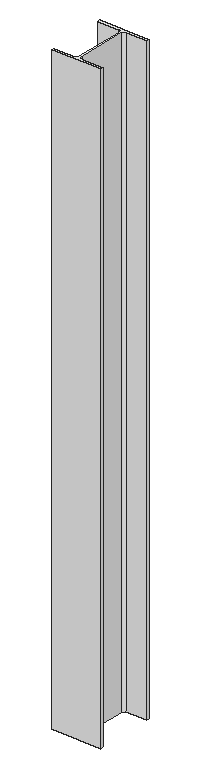
Revit family "e330db260505468c86ec1e4669dc2d43", category Structural Columns, Revit 2023
Family settings
  Section Shape = I-shape Parallel Flange
  Material for Model Behavior = Steel
  Always export as geometry = No
  Beam cutback in plan = From bounding box
  Family Name Key = M_W Shapes-Column
  Code Name = AISC 14.1
  OmniClass Number = 23.25.30.11.14.11
  OmniClass Title = Columns
  Seek Item ID = W-Shapes-Column-0000-CAN-ENU
  Cut with Voids When Loaded = No
  Symbolic Representation = From Project Settings
  Shared = No
  Show family pre-cut in plan views = Yes
Parameters (values of type "W250X49.1")
  Width = 202.00 mm
  Web Thickness = 7.37 mm
  Web Fillet = 12.70 mm
  Warping Constant = 212000000000.0 mm⁶
  Torsional Moment of Inertia = 243000.00 mm⁴
  Structural Material [instance] = Steel, 45-345
  Section Name Key = ""
  Section Area = 6260.0 mm²
  Plastic Modulus weak axis = 229000.0 mm³
  Plastic Modulus strong axis = 636000.0 mm³
  Perimeter = 1.27 m²/m
  Nominal Weight = 49.0998 kgf/m
  Moment of Inertia weak axis = 15200000.00 mm⁴
  Moment of Inertia strong axis = 71200000.00 mm⁴
  Height = 247.00 mm
  Flange Thickness = 11.00 mm
  Elastic Modulus weak axis = 151000.0 mm³
  Elastic Modulus strong axis = 574000.0 mm³
  Centroid Vertical = Height / 2  # 123.50 mm
  Centroid Horizontal = Width / 2  # 101.00 mm
  Bolt Spacing = 139.7 mm
  Assembly Code = ""
Types (2, lengths in mm): name | Width | Web Thickness | Warping Constant | Torsional Moment of Inertia | Section Area | Plastic Modulus weak axis | Plastic Modulus strong axis | Perimeter | Nominal Weight | Moment of Inertia weak axis | Moment of Inertia strong axis | Height | Flange Thickness | Elastic Modulus weak axis | Elastic Modulus strong axis | Centroid Vertical | Centroid Horizontal
  W250X73 | 254.00 | 8.64 | 556000000000.0 mm⁶ | 579000.00 mm⁴ | 9290.0 mm² | 464000.0 mm³ | 990000.0 mm³ | 1.49 m²/m | 72.9997 kgf/m | 38900000.00 mm⁴ | 113000000.00 mm⁴ | 254.00 | 14.20 | 306000.0 mm³ | 895000.0 mm³ | 127.00 | 127.00
  W250X49.1 | 202.00 | 7.37 | 212000000000.0 mm⁶ | 243000.00 mm⁴ | 6260.0 mm² | 229000.0 mm³ | 636000.0 mm³ | 1.27 m²/m | 49.0998 kgf/m | 15200000.00 mm⁴ | 71200000.00 mm⁴ | 247.00 | 11.00 | 151000.0 mm³ | 574000.0 mm³ | 123.50 | 101.00
Reference planes
  plane 1: y = 0
  plane 2: z = 0
  plane 3: x = 0
  plane 4: x = -101
  plane 5: x = 101
  plane 6: y = 123.5
  plane 7: y = -123.5
  plane 8: x = -3.969
  plane 9: x = 3.969
Forms (mm)
  Extrusion 1, solid, material "Steel, 45-345" <- "Structural Material", detail levels medium
    sketch origin (0, 0, 0) x (1, 0, 0) y (0, 1, 0)
      loop
        line (-101, 123.5) -> (-101, 112.5) -> (-3.685, 112.5) -> (-3.685, -112.5) -> (-101, -112.5) -> (-101, -123.5) -> (101, -123.5) -> (101, -112.5) -> (3.685, -112.5) -> (3.685, 112.5) -> (101, 112.5) -> (101, 123.5) -> (-101, 123.5)
    from 0 to 2500
  Extrusion 2, solid, material "Steel, 45-345" <- "Structural Material", detail levels fine
    sketch origin (0, 0, 0) x (1, 0, 0) y (0, 1, 0)
      loop
        line (-101, 123.5) -> (-101, 112.5) -> (-16.385, 112.5)
        arc (-16.385, 112.5) -> (-7.405, 108.78) -> (-3.685, 99.8) r 12.7
        line (-3.685, 99.8) -> (-3.685, -99.8)
        arc (-3.685, -99.8) -> (-7.405, -108.78) -> (-16.385, -112.5) r 12.7
        line (-16.385, -112.5) -> (-101, -112.5) -> (-101, -123.5) -> (101, -123.5) -> (101, -112.5) -> (16.385, -112.5)
        arc (16.385, -112.5) -> (7.405, -108.78) -> (3.685, -99.8) r 12.7
        line (3.685, -99.8) -> (3.685, 99.8)
        arc (3.685, 99.8) -> (7.405, 108.78) -> (16.385, 112.5) r 12.7
        line (16.385, 112.5) -> (101, 112.5) -> (101, 123.5) -> (-101, 123.5)
    from 0 to 2500
Lines and regions (mm)
  symbolic lines, style "StructuralColumnStickSymbols", detail levels coarse
    curve 1: line (-101, 123.5, 0) -> (101, 123.5, 0)
    curve 2: line (-101, -123.5, 0) -> (101, -123.5, 0)
    curve 3: line (0, 123.5, 0) -> (0, -123.5, 0)
  symbolic lines, style "Hidden Faces", detail levels medium+fine
    curve 4: line (-3.969, 0, 0) -> (-3.969, 0, 2500)
    curve 5: line (3.969, 0, 2500) -> (3.969, 0, 0)
Dimensions and locks
  equal spacing: plane 4, plane 3, plane 5
  equal spacing: plane 7, plane 1, plane 6
  "Height": plane 7 to plane 6
  "Width": plane 4 to plane 5
  "Flange Thickness": plane 7 to Extrusion 1 sketch curve
  "Flange Thickness": Extrusion 1 sketch curve to plane 6
  equal spacing: Extrusion 1 sketch curve, plane 3, Extrusion 1 sketch curve
  "Web Thickness": Extrusion 1 sketch curve to Extrusion 1 sketch curve
  "Web Fillet": radius of Extrusion 2 sketch curve  (x4)
  aligned and locked: plane 6 to Extrusion 1 sketch curve
  aligned and locked: Extrusion 1 sketch curve to plane 7
  aligned and locked: Extrusion 1 sketch curve to plane 4  (x2)
  aligned and locked: plane 5 to Extrusion 1 sketch curve  (x2)
  aligned and locked: Extrusion 1 sketch curve to Extrusion 1 sketch curve  (x2)
  aligned and locked: level to Extrusion 1
  aligned and locked: level to plane 2
  aligned and locked: Extrusion 1 to plane 2
  aligned and locked: plane 6 to Extrusion 2 sketch curve
  aligned and locked: plane 5 to Extrusion 2 sketch curve  (x2)
  aligned and locked: Extrusion 2 sketch curve to plane 4  (x2)
  aligned and locked: Extrusion 2 sketch curve to Extrusion 1  (x6)
  aligned and locked: Extrusion 2 sketch curve to plane 7
  aligned and locked: level to Extrusion 2
  aligned and locked: Extrusion 2 to level
Automatic sketch dimensions
  curve 2 to plane 4 = 0.00 mm
  curve 1 to plane 4 = 0.00 mm
  curve 3 to plane 3 = 0.00 mm
  curve 2 to plane 5 = 0.00 mm
  curve 1 to plane 5 = 0.00 mm
  curve 3 to plane 7 = 0.00 mm
  curve 3 to plane 6 = 0.00 mm
  curve 4 to level = 0.00 mm  (x2)
  curve 4 to plane 8 = 0.00 mm
  curve 5 to level = 0.00 mm  (x2)
  curve 5 to plane 9 = 0.00 mm
